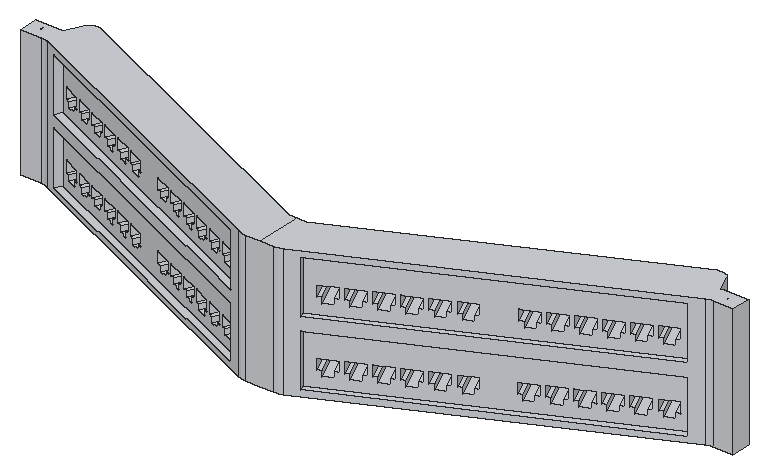
Revit family
Parameters (values of type "TEXT")
  Material ID = "760162834"
  Description = "Uniprise 10G Angled 48 Port Panel\r\n"
Reference planes (in)
  plane 1 "Center (Front/Back)": y = 0
  plane 2: z = 0
  plane 3 "Center (Left/Right)": x = 0
  plane 4: x = 0
Forms (in)
  Extrusion 1, solid
    sketch origin (0, 0, 0) x (1, 0, 0) y (0, 0, 1)
      loop
        line (0, 1.72) -> (-9.5, 1.72) -> (-9.5, -1.75) -> (0, -1.75) -> (9.5, -1.75) -> (9.5, 1.72) -> (0, 1.72)
    from 0 to 5
  Extrusion 2, void
    sketch origin (0, 0, 0) x (1, 0, 0) y (0, 1, 0)
      loop
        line (0, -3.75) -> (0.22211, -3.75) -> (8.20539, -0.02733)
        arc (8.20539, -0.02733) -> (8.4054, -0.01671) -> (8.56751, -0.13432) r 0.3
        line (8.56751, -0.13432) -> (8.78, -0.59) -> (10.67789, -0.59) -> (10.67789, 1.58554) -> (-10.07211, 1.58554) -> (-10.07211, -0.59) -> (-8.78, -0.59) -> (-8.56751, -0.13432)
        arc (-8.56751, -0.13432) -> (-8.4054, -0.01671) -> (-8.20539, -0.02733) r 0.3
        line (-8.20539, -0.02733) -> (-0.22211, -3.75) -> (0, -3.75)
      loop
        line (0, -5) -> (-0.37185, -5)
        arc (-0.37185, -5) -> (-0.49223, -4.98735) -> (-0.60735, -4.94994) r 0.57899
        line (-0.60735, -4.94994) -> (-8.77297, -1.14225)
        arc (-8.77297, -1.14225) -> (-8.86654, -1.11064) -> (-8.96473, -1.1) r 0.45422
        line (-8.96473, -1.1) -> (-10.07211, -1.1) -> (-10.07211, -6.6) -> (10.67789, -6.6) -> (10.67789, -1.1) -> (8.96473, -1.1)
        arc (8.96473, -1.1) -> (8.86654, -1.11064) -> (8.77297, -1.14225) r 0.45422
        line (8.77297, -1.14225) -> (0.60735, -4.94994)
        arc (0.60735, -4.94994) -> (0.49223, -4.98735) -> (0.37185, -5) r 0.57899
        line (0.37185, -5) -> (0, -5)
    from -9.81041 to 12
  Extrusion 3, void
    sketch origin (-0.5, -5, 0) x (0.906308, -0.422618, 0) y (0, 0, -1)
      loop
        line (-8.78097, -1.575) -> (-0.48097, -1.575) -> (-0.48097, -0.145) -> (-8.78097, -0.145) -> (-8.78097, -1.575)
    from 0 to 0.2
  Extrusion 4, void
    sketch origin (-0.5, -5, 0) x (0.906308, -0.422618, 0) y (0, 0, -1)
      loop
        line (-8.58097, -0.85) -> (-8.09097, -0.85) -> (-8.09097, -0.56) -> (-8.20097, -0.56) -> (-8.20097, -0.416) -> (-8.47097, -0.416) -> (-8.47097, -0.56) -> (-8.58097, -0.56) -> (-8.58097, -0.85)
    from -6.11684 to 3.83475
  Extrusion 5, void
    sketch origin (0.5, -5, 0) x (-0.906308, -0.422618, 0) y (0, 0, 1)
      loop
        line (-8.78097, 1.575) -> (-8.78097, 0.145) -> (-0.48097, 0.145) -> (-0.48097, 1.575) -> (-8.78097, 1.575)
    from 0 to 0.2
  Extrusion 6, void
    sketch origin (0, 0, 0) x (1, 0, 0) y (0, 0, 1)
      loop
        line (-9.23838, 0.095) -> (-9.11238, 0.095)
        arc (-9.11238, 0.095) -> (-8.97238, 0.235) -> (-9.11238, 0.375) r 0.14
        line (-9.11238, 0.375) -> (-9.23838, 0.375)
        arc (-9.23838, 0.375) -> (-9.37838, 0.235) -> (-9.23838, 0.095) r 0.14
      loop
        line (-9.23838, 1.345) -> (-9.11238, 1.345)
        arc (-9.11238, 1.345) -> (-8.97238, 1.485) -> (-9.11238, 1.625) r 0.14
        line (-9.11238, 1.625) -> (-9.23838, 1.625)
        arc (-9.23838, 1.625) -> (-9.37838, 1.485) -> (-9.23838, 1.345) r 0.14
    from -1.65585 to 1.01797
  Extrusion 7, void
    sketch origin (0, 0, 0) x (-1, 0, 0) y (0, 0, -1)
      loop
        arc (-9.23838, -0.095) -> (-9.37838, -0.235) -> (-9.23838, -0.375) r 0.14
        line (-9.23838, -0.375) -> (-9.11238, -0.375)
        arc (-9.11238, -0.375) -> (-8.97238, -0.235) -> (-9.11238, -0.095) r 0.14
        line (-9.11238, -0.095) -> (-9.23838, -0.095)
      loop
        arc (-9.23838, -1.345) -> (-9.37838, -1.485) -> (-9.23838, -1.625) r 0.14
        line (-9.23838, -1.625) -> (-9.11238, -1.625)
        arc (-9.11238, -1.625) -> (-8.97238, -1.485) -> (-9.11238, -1.345) r 0.14
        line (-9.11238, -1.345) -> (-9.23838, -1.345)
    from -1.65585 to 1.01797
  Extrusion 8, void
    sketch origin (0.5, -5, -1.75) x (-0.906308, -0.422618, 0) y (0, 0, 1)
      loop
        line (-8.78097, 1.575) -> (-8.78097, 0.145) -> (-0.48097, 0.145) -> (-0.48097, 1.575) -> (-8.78097, 1.575)
    from 0 to 0.2
  Extrusion 9, void
    sketch origin (-0.5, -5, -1.75) x (0.906308, -0.422618, 0) y (0, 0, -1)
      loop
        line (-8.78097, -1.575) -> (-0.48097, -1.575) -> (-0.48097, -0.145) -> (-8.78097, -0.145) -> (-8.78097, -1.575)
    from 0 to 0.2
  Extrusion 10, void
    sketch origin (0, 0, -1.75) x (1, 0, 0) y (0, 0, 1)
      loop
        line (-9.23838, 0.095) -> (-9.11238, 0.095)
        arc (-9.11238, 0.095) -> (-8.97238, 0.235) -> (-9.11238, 0.375) r 0.14
        line (-9.11238, 0.375) -> (-9.23838, 0.375)
        arc (-9.23838, 0.375) -> (-9.37838, 0.235) -> (-9.23838, 0.095) r 0.14
      loop
        line (-9.23838, 1.345) -> (-9.11238, 1.345)
        arc (-9.11238, 1.345) -> (-8.97238, 1.485) -> (-9.11238, 1.625) r 0.14
        line (-9.11238, 1.625) -> (-9.23838, 1.625)
        arc (-9.23838, 1.625) -> (-9.37838, 1.485) -> (-9.23838, 1.345) r 0.14
    from -1.65585 to 1.01797
  Extrusion 11, void
    sketch origin (0, 0, -1.75) x (-1, 0, 0) y (0, 0, -1)
      loop
        arc (-9.23838, -0.095) -> (-9.37838, -0.235) -> (-9.23838, -0.375) r 0.14
        line (-9.23838, -0.375) -> (-9.11238, -0.375)
        arc (-9.11238, -0.375) -> (-8.97238, -0.235) -> (-9.11238, -0.095) r 0.14
        line (-9.11238, -0.095) -> (-9.23838, -0.095)
      loop
        arc (-9.23838, -1.345) -> (-9.37838, -1.485) -> (-9.23838, -1.625) r 0.14
        line (-9.23838, -1.625) -> (-9.11238, -1.625)
        arc (-9.11238, -1.625) -> (-8.97238, -1.485) -> (-9.11238, -1.345) r 0.14
        line (-9.11238, -1.345) -> (-9.23838, -1.345)
    from -1.65585 to 1.01797
  Extrusion 12, void
    sketch origin (0.04649, -5.25483, 0) x (0.906308, -0.422618, 0) y (0, 0, -1)
      loop
        line (-8.58097, -0.85) -> (-8.09097, -0.85) -> (-8.09097, -0.56) -> (-8.20097, -0.56) -> (-8.20097, -0.416) -> (-8.47097, -0.416) -> (-8.47097, -0.56) -> (-8.58097, -0.56) -> (-8.58097, -0.85)
    from -6.11684 to 3.83475
  Extrusion 13, void
    sketch origin (0.59298, -5.50967, 0) x (0.906308, -0.422618, 0) y (0, 0, -1)
      loop
        line (-8.58097, -0.85) -> (-8.09097, -0.85) -> (-8.09097, -0.56) -> (-8.20097, -0.56) -> (-8.20097, -0.416) -> (-8.47097, -0.416) -> (-8.47097, -0.56) -> (-8.58097, -0.56) -> (-8.58097, -0.85)
    from -6.11684 to 3.83475
  Extrusion 14, void
    sketch origin (1.13947, -5.7645, 0) x (0.906308, -0.422618, 0) y (0, 0, -1)
      loop
        line (-8.58097, -0.85) -> (-8.09097, -0.85) -> (-8.09097, -0.56) -> (-8.20097, -0.56) -> (-8.20097, -0.416) -> (-8.47097, -0.416) -> (-8.47097, -0.56) -> (-8.58097, -0.56) -> (-8.58097, -0.85)
    from -6.11684 to 3.83475
  Extrusion 15, void
    sketch origin (1.68596, -6.01933, 0) x (0.906308, -0.422618, 0) y (0, 0, -1)
      loop
        line (-8.58097, -0.85) -> (-8.09097, -0.85) -> (-8.09097, -0.56) -> (-8.20097, -0.56) -> (-8.20097, -0.416) -> (-8.47097, -0.416) -> (-8.47097, -0.56) -> (-8.58097, -0.56) -> (-8.58097, -0.85)
    from -6.11684 to 3.83475
  Extrusion 16, void
    sketch origin (2.23245, -6.27416, 0) x (0.906308, -0.422618, 0) y (0, 0, -1)
      loop
        line (-8.58097, -0.85) -> (-8.09097, -0.85) -> (-8.09097, -0.56) -> (-8.20097, -0.56) -> (-8.20097, -0.416) -> (-8.47097, -0.416) -> (-8.47097, -0.56) -> (-8.58097, -0.56) -> (-8.58097, -0.85)
    from -6.11684 to 3.83475
  Extrusion 17, void
    sketch origin (3.4001, -6.81865, 0) x (0.906308, -0.422618, 0) y (0, 0, -1)
      loop
        line (-8.58097, -0.85) -> (-8.09097, -0.85) -> (-8.09097, -0.56) -> (-8.20097, -0.56) -> (-8.20097, -0.416) -> (-8.47097, -0.416) -> (-8.47097, -0.56) -> (-8.58097, -0.56) -> (-8.58097, -0.85)
    from -6.11684 to 3.83475
  Extrusion 18, void
    sketch origin (3.94659, -7.07348, 0) x (0.906308, -0.422618, 0) y (0, 0, -1)
      loop
        line (-8.58097, -0.85) -> (-8.09097, -0.85) -> (-8.09097, -0.56) -> (-8.20097, -0.56) -> (-8.20097, -0.416) -> (-8.47097, -0.416) -> (-8.47097, -0.56) -> (-8.58097, -0.56) -> (-8.58097, -0.85)
    from -6.11684 to 3.83475
  Extrusion 19, void
    sketch origin (4.49308, -7.32831, 0) x (0.906308, -0.422618, 0) y (0, 0, -1)
      loop
        line (-8.58097, -0.85) -> (-8.09097, -0.85) -> (-8.09097, -0.56) -> (-8.20097, -0.56) -> (-8.20097, -0.416) -> (-8.47097, -0.416) -> (-8.47097, -0.56) -> (-8.58097, -0.56) -> (-8.58097, -0.85)
    from -6.11684 to 3.83475
  Extrusion 20, void
    sketch origin (5.03957, -7.58314, 0) x (0.906308, -0.422618, 0) y (0, 0, -1)
      loop
        line (-8.58097, -0.85) -> (-8.09097, -0.85) -> (-8.09097, -0.56) -> (-8.20097, -0.56) -> (-8.20097, -0.416) -> (-8.47097, -0.416) -> (-8.47097, -0.56) -> (-8.58097, -0.56) -> (-8.58097, -0.85)
    from -6.11684 to 3.83475
  Extrusion 21, void
    sketch origin (5.58606, -7.83798, 0) x (0.906308, -0.422618, 0) y (0, 0, -1)
      loop
        line (-8.58097, -0.85) -> (-8.09097, -0.85) -> (-8.09097, -0.56) -> (-8.20097, -0.56) -> (-8.20097, -0.416) -> (-8.47097, -0.416) -> (-8.47097, -0.56) -> (-8.58097, -0.56) -> (-8.58097, -0.85)
    from -6.11684 to 3.83475
  Extrusion 22, void
    sketch origin (6.13255, -8.09281, 0) x (0.906308, -0.422618, 0) y (0, 0, -1)
      loop
        line (-8.58097, -0.85) -> (-8.09097, -0.85) -> (-8.09097, -0.56) -> (-8.20097, -0.56) -> (-8.20097, -0.416) -> (-8.47097, -0.416) -> (-8.47097, -0.56) -> (-8.58097, -0.56) -> (-8.58097, -0.85)
    from -6.11684 to 3.83475
  Extrusion 23, void
    sketch origin (-0.5, -5, -1.75) x (0.906308, -0.422618, 0) y (0, 0, -1)
      loop
        line (-8.58097, -0.85) -> (-8.09097, -0.85) -> (-8.09097, -0.56) -> (-8.20097, -0.56) -> (-8.20097, -0.416) -> (-8.47097, -0.416) -> (-8.47097, -0.56) -> (-8.58097, -0.56) -> (-8.58097, -0.85)
    from -6.11684 to 3.83475
  Extrusion 24, void
    sketch origin (0.04649, -5.25483, -1.75) x (0.906308, -0.422618, 0) y (0, 0, -1)
      loop
        line (-8.58097, -0.85) -> (-8.09097, -0.85) -> (-8.09097, -0.56) -> (-8.20097, -0.56) -> (-8.20097, -0.416) -> (-8.47097, -0.416) -> (-8.47097, -0.56) -> (-8.58097, -0.56) -> (-8.58097, -0.85)
    from -6.11684 to 3.83475
  Extrusion 25, void
    sketch origin (0.59298, -5.50967, -1.75) x (0.906308, -0.422618, 0) y (0, 0, -1)
      loop
        line (-8.58097, -0.85) -> (-8.09097, -0.85) -> (-8.09097, -0.56) -> (-8.20097, -0.56) -> (-8.20097, -0.416) -> (-8.47097, -0.416) -> (-8.47097, -0.56) -> (-8.58097, -0.56) -> (-8.58097, -0.85)
    from -6.11684 to 3.83475
  Extrusion 26, void
    sketch origin (1.13947, -5.7645, -1.75) x (0.906308, -0.422618, 0) y (0, 0, -1)
      loop
        line (-8.58097, -0.85) -> (-8.09097, -0.85) -> (-8.09097, -0.56) -> (-8.20097, -0.56) -> (-8.20097, -0.416) -> (-8.47097, -0.416) -> (-8.47097, -0.56) -> (-8.58097, -0.56) -> (-8.58097, -0.85)
    from -6.11684 to 3.83475
  Extrusion 27, void
    sketch origin (1.68596, -6.01933, -1.75) x (0.906308, -0.422618, 0) y (0, 0, -1)
      loop
        line (-8.58097, -0.85) -> (-8.09097, -0.85) -> (-8.09097, -0.56) -> (-8.20097, -0.56) -> (-8.20097, -0.416) -> (-8.47097, -0.416) -> (-8.47097, -0.56) -> (-8.58097, -0.56) -> (-8.58097, -0.85)
    from -6.11684 to 3.83475
  Extrusion 28, void
    sketch origin (2.23245, -6.27416, -1.75) x (0.906308, -0.422618, 0) y (0, 0, -1)
      loop
        line (-8.58097, -0.85) -> (-8.09097, -0.85) -> (-8.09097, -0.56) -> (-8.20097, -0.56) -> (-8.20097, -0.416) -> (-8.47097, -0.416) -> (-8.47097, -0.56) -> (-8.58097, -0.56) -> (-8.58097, -0.85)
    from -6.11684 to 3.83475
  Extrusion 29, void
    sketch origin (3.4001, -6.81865, -1.75) x (0.906308, -0.422618, 0) y (0, 0, -1)
      loop
        line (-8.58097, -0.85) -> (-8.09097, -0.85) -> (-8.09097, -0.56) -> (-8.20097, -0.56) -> (-8.20097, -0.416) -> (-8.47097, -0.416) -> (-8.47097, -0.56) -> (-8.58097, -0.56) -> (-8.58097, -0.85)
    from -6.11684 to 3.83475
  Extrusion 30, void
    sketch origin (3.94659, -7.07348, -1.75) x (0.906308, -0.422618, 0) y (0, 0, -1)
      loop
        line (-8.58097, -0.85) -> (-8.09097, -0.85) -> (-8.09097, -0.56) -> (-8.20097, -0.56) -> (-8.20097, -0.416) -> (-8.47097, -0.416) -> (-8.47097, -0.56) -> (-8.58097, -0.56) -> (-8.58097, -0.85)
    from -6.11684 to 3.83475
  Extrusion 31, void
    sketch origin (4.49308, -7.32831, -1.75) x (0.906308, -0.422618, 0) y (0, 0, -1)
      loop
        line (-8.58097, -0.85) -> (-8.09097, -0.85) -> (-8.09097, -0.56) -> (-8.20097, -0.56) -> (-8.20097, -0.416) -> (-8.47097, -0.416) -> (-8.47097, -0.56) -> (-8.58097, -0.56) -> (-8.58097, -0.85)
    from -6.11684 to 3.83475
  Extrusion 32, void
    sketch origin (5.03957, -7.58314, -1.75) x (0.906308, -0.422618, 0) y (0, 0, -1)
      loop
        line (-8.58097, -0.85) -> (-8.09097, -0.85) -> (-8.09097, -0.56) -> (-8.20097, -0.56) -> (-8.20097, -0.416) -> (-8.47097, -0.416) -> (-8.47097, -0.56) -> (-8.58097, -0.56) -> (-8.58097, -0.85)
    from -6.11684 to 3.83475
  Extrusion 33, void
    sketch origin (5.58606, -7.83798, -1.75) x (0.906308, -0.422618, 0) y (0, 0, -1)
      loop
        line (-8.58097, -0.85) -> (-8.09097, -0.85) -> (-8.09097, -0.56) -> (-8.20097, -0.56) -> (-8.20097, -0.416) -> (-8.47097, -0.416) -> (-8.47097, -0.56) -> (-8.58097, -0.56) -> (-8.58097, -0.85)
    from -6.11684 to 3.83475
  Extrusion 34, void
    sketch origin (6.13255, -8.09281, -1.75) x (0.906308, -0.422618, 0) y (0, 0, -1)
      loop
        line (-8.58097, -0.85) -> (-8.09097, -0.85) -> (-8.09097, -0.56) -> (-8.20097, -0.56) -> (-8.20097, -0.416) -> (-8.47097, -0.416) -> (-8.47097, -0.56) -> (-8.58097, -0.56) -> (-8.58097, -0.85)
    from -6.11684 to 3.83475
  Extrusion 35, void
    sketch origin (0.5, -5, 0) x (-0.906308, -0.422618, 0) y (0, 0, 1)
      loop
        line (-8.58097, 0.85) -> (-8.58097, 0.56) -> (-8.47097, 0.56) -> (-8.47097, 0.416) -> (-8.20097, 0.416) -> (-8.20097, 0.56) -> (-8.09097, 0.56) -> (-8.09097, 0.85) -> (-8.58097, 0.85)
    from -6.11684 to 3.83475
  Extrusion 36, void
    sketch origin (0.5, -5, -1.75) x (-0.906308, -0.422618, 0) y (0, 0, 1)
      loop
        line (-8.58097, 0.85) -> (-8.58097, 0.56) -> (-8.47097, 0.56) -> (-8.47097, 0.416) -> (-8.20097, 0.416) -> (-8.20097, 0.56) -> (-8.09097, 0.56) -> (-8.09097, 0.85) -> (-8.58097, 0.85)
    from -6.11684 to 3.83475
  Extrusion 37, void
    sketch origin (-0.03996, -5.25179, 0) x (-0.906308, -0.422618, 0) y (0, 0, 1)
      loop
        line (-8.58097, 0.85) -> (-8.58097, 0.56) -> (-8.47097, 0.56) -> (-8.47097, 0.416) -> (-8.20097, 0.416) -> (-8.20097, 0.56) -> (-8.09097, 0.56) -> (-8.09097, 0.85) -> (-8.58097, 0.85)
    from -6.11684 to 3.83475
  Extrusion 38, void
    sketch origin (-0.57992, -5.50358, 0) x (-0.906308, -0.422618, 0) y (0, 0, 1)
      loop
        line (-8.58097, 0.85) -> (-8.58097, 0.56) -> (-8.47097, 0.56) -> (-8.47097, 0.416) -> (-8.20097, 0.416) -> (-8.20097, 0.56) -> (-8.09097, 0.56) -> (-8.09097, 0.85) -> (-8.58097, 0.85)
    from -6.11684 to 3.83475
  Extrusion 39, void
    sketch origin (-1.11989, -5.75537, 0) x (-0.906308, -0.422618, 0) y (0, 0, 1)
      loop
        line (-8.58097, 0.85) -> (-8.58097, 0.56) -> (-8.47097, 0.56) -> (-8.47097, 0.416) -> (-8.20097, 0.416) -> (-8.20097, 0.56) -> (-8.09097, 0.56) -> (-8.09097, 0.85) -> (-8.58097, 0.85)
    from -6.11684 to 3.83475
  Extrusion 40, void
    sketch origin (-1.65985, -6.00715, 0) x (-0.906308, -0.422618, 0) y (0, 0, 1)
      loop
        line (-8.58097, 0.85) -> (-8.58097, 0.56) -> (-8.47097, 0.56) -> (-8.47097, 0.416) -> (-8.20097, 0.416) -> (-8.20097, 0.56) -> (-8.09097, 0.56) -> (-8.09097, 0.85) -> (-8.58097, 0.85)
    from -6.11684 to 3.83475
  Extrusion 41, void
    sketch origin (-2.19981, -6.25894, 0) x (-0.906308, -0.422618, 0) y (0, 0, 1)
      loop
        line (-8.58097, 0.85) -> (-8.58097, 0.56) -> (-8.47097, 0.56) -> (-8.47097, 0.416) -> (-8.20097, 0.416) -> (-8.20097, 0.56) -> (-8.09097, 0.56) -> (-8.09097, 0.85) -> (-8.58097, 0.85)
    from -6.11684 to 3.83475
  Extrusion 42, void
    sketch origin (-0.0466, -5.25488, -1.75) x (-0.906308, -0.422618, 0) y (0, 0, 1)
      loop
        line (-8.58097, 0.85) -> (-8.58097, 0.56) -> (-8.47097, 0.56) -> (-8.47097, 0.416) -> (-8.20097, 0.416) -> (-8.20097, 0.56) -> (-8.09097, 0.56) -> (-8.09097, 0.85) -> (-8.58097, 0.85)
    from -6.11684 to 3.83475
  Extrusion 43, void
    sketch origin (-0.59321, -5.50977, -1.75) x (-0.906308, -0.422618, 0) y (0, 0, 1)
      loop
        line (-8.58097, 0.85) -> (-8.58097, 0.56) -> (-8.47097, 0.56) -> (-8.47097, 0.416) -> (-8.20097, 0.416) -> (-8.20097, 0.56) -> (-8.09097, 0.56) -> (-8.09097, 0.85) -> (-8.58097, 0.85)
    from -6.11684 to 3.83475
  Extrusion 44, void
    sketch origin (-1.13981, -5.76465, -1.75) x (-0.906308, -0.422618, 0) y (0, 0, 1)
      loop
        line (-8.58097, 0.85) -> (-8.58097, 0.56) -> (-8.47097, 0.56) -> (-8.47097, 0.416) -> (-8.20097, 0.416) -> (-8.20097, 0.56) -> (-8.09097, 0.56) -> (-8.09097, 0.85) -> (-8.58097, 0.85)
    from -6.11684 to 3.83475
  Extrusion 45, void
    sketch origin (-1.68641, -6.01954, -1.75) x (-0.906308, -0.422618, 0) y (0, 0, 1)
      loop
        line (-8.58097, 0.85) -> (-8.58097, 0.56) -> (-8.47097, 0.56) -> (-8.47097, 0.416) -> (-8.20097, 0.416) -> (-8.20097, 0.56) -> (-8.09097, 0.56) -> (-8.09097, 0.85) -> (-8.58097, 0.85)
    from -6.11684 to 3.83475
  Extrusion 46, void
    sketch origin (-2.23301, -6.27442, -1.75) x (-0.906308, -0.422618, 0) y (0, 0, 1)
      loop
        line (-8.58097, 0.85) -> (-8.58097, 0.56) -> (-8.47097, 0.56) -> (-8.47097, 0.416) -> (-8.20097, 0.416) -> (-8.20097, 0.56) -> (-8.09097, 0.56) -> (-8.09097, 0.85) -> (-8.58097, 0.85)
    from -6.11684 to 3.83475
  Extrusion 47, void
    sketch origin (-3.40084, -6.81899, -1.75) x (-0.906308, -0.422618, 0) y (0, 0, 1)
      loop
        line (-8.58097, 0.85) -> (-8.58097, 0.56) -> (-8.47097, 0.56) -> (-8.47097, 0.416) -> (-8.20097, 0.416) -> (-8.20097, 0.56) -> (-8.09097, 0.56) -> (-8.09097, 0.85) -> (-8.58097, 0.85)
    from -6.11684 to 3.83475
  Extrusion 48, void
    sketch origin (-3.94744, -7.07387, -1.75) x (-0.906308, -0.422618, 0) y (0, 0, 1)
      loop
        line (-8.58097, 0.85) -> (-8.58097, 0.56) -> (-8.47097, 0.56) -> (-8.47097, 0.416) -> (-8.20097, 0.416) -> (-8.20097, 0.56) -> (-8.09097, 0.56) -> (-8.09097, 0.85) -> (-8.58097, 0.85)
    from -6.11684 to 3.83475
  Extrusion 49, void
    sketch origin (-4.49404, -7.32876, -1.75) x (-0.906308, -0.422618, 0) y (0, 0, 1)
      loop
        line (-8.58097, 0.85) -> (-8.58097, 0.56) -> (-8.47097, 0.56) -> (-8.47097, 0.416) -> (-8.20097, 0.416) -> (-8.20097, 0.56) -> (-8.09097, 0.56) -> (-8.09097, 0.85) -> (-8.58097, 0.85)
    from -6.11684 to 3.83475
  Extrusion 50, void
    sketch origin (-5.04064, -7.58364, -1.75) x (-0.906308, -0.422618, 0) y (0, 0, 1)
      loop
        line (-8.58097, 0.85) -> (-8.58097, 0.56) -> (-8.47097, 0.56) -> (-8.47097, 0.416) -> (-8.20097, 0.416) -> (-8.20097, 0.56) -> (-8.09097, 0.56) -> (-8.09097, 0.85) -> (-8.58097, 0.85)
    from -6.11684 to 3.83475
  Extrusion 51, void
    sketch origin (-5.58725, -7.83853, -1.75) x (-0.906308, -0.422618, 0) y (0, 0, 1)
      loop
        line (-8.58097, 0.85) -> (-8.58097, 0.56) -> (-8.47097, 0.56) -> (-8.47097, 0.416) -> (-8.20097, 0.416) -> (-8.20097, 0.56) -> (-8.09097, 0.56) -> (-8.09097, 0.85) -> (-8.58097, 0.85)
    from -6.11684 to 3.83475
  Extrusion 52, void
    sketch origin (-6.13385, -8.09341, -1.75) x (-0.906308, -0.422618, 0) y (0, 0, 1)
      loop
        line (-8.58097, 0.85) -> (-8.58097, 0.56) -> (-8.47097, 0.56) -> (-8.47097, 0.416) -> (-8.20097, 0.416) -> (-8.20097, 0.56) -> (-8.09097, 0.56) -> (-8.09097, 0.85) -> (-8.58097, 0.85)
    from -6.11684 to 3.83475
  Extrusion 53, void
    sketch origin (-3.40084, -6.81899, 0) x (-0.906308, -0.422618, 0) y (0, 0, 1)
      loop
        line (-8.58097, 0.85) -> (-8.58097, 0.56) -> (-8.47097, 0.56) -> (-8.47097, 0.416) -> (-8.20097, 0.416) -> (-8.20097, 0.56) -> (-8.09097, 0.56) -> (-8.09097, 0.85) -> (-8.58097, 0.85)
    from -6.11684 to 3.83475
  Extrusion 54, void
    sketch origin (-3.94744, -7.07387, 0) x (-0.906308, -0.422618, 0) y (0, 0, 1)
      loop
        line (-8.58097, 0.85) -> (-8.58097, 0.56) -> (-8.47097, 0.56) -> (-8.47097, 0.416) -> (-8.20097, 0.416) -> (-8.20097, 0.56) -> (-8.09097, 0.56) -> (-8.09097, 0.85) -> (-8.58097, 0.85)
    from -6.11684 to 3.83475
  Extrusion 55, void
    sketch origin (-4.49404, -7.32876, 0) x (-0.906308, -0.422618, 0) y (0, 0, 1)
      loop
        line (-8.58097, 0.85) -> (-8.58097, 0.56) -> (-8.47097, 0.56) -> (-8.47097, 0.416) -> (-8.20097, 0.416) -> (-8.20097, 0.56) -> (-8.09097, 0.56) -> (-8.09097, 0.85) -> (-8.58097, 0.85)
    from -6.11684 to 3.83475
  Extrusion 56, void
    sketch origin (-5.04064, -7.58364, 0) x (-0.906308, -0.422618, 0) y (0, 0, 1)
      loop
        line (-8.58097, 0.85) -> (-8.58097, 0.56) -> (-8.47097, 0.56) -> (-8.47097, 0.416) -> (-8.20097, 0.416) -> (-8.20097, 0.56) -> (-8.09097, 0.56) -> (-8.09097, 0.85) -> (-8.58097, 0.85)
    from -6.11684 to 3.83475
  Extrusion 57, void
    sketch origin (-5.58725, -7.83853, 0) x (-0.906308, -0.422618, 0) y (0, 0, 1)
      loop
        line (-8.58097, 0.85) -> (-8.58097, 0.56) -> (-8.47097, 0.56) -> (-8.47097, 0.416) -> (-8.20097, 0.416) -> (-8.20097, 0.56) -> (-8.09097, 0.56) -> (-8.09097, 0.85) -> (-8.58097, 0.85)
    from -6.11684 to 3.83475
  Extrusion 58, void
    sketch origin (-6.13385, -8.09341, 0) x (-0.906308, -0.422618, 0) y (0, 0, 1)
      loop
        line (-8.58097, 0.85) -> (-8.58097, 0.56) -> (-8.47097, 0.56) -> (-8.47097, 0.416) -> (-8.20097, 0.416) -> (-8.20097, 0.56) -> (-8.09097, 0.56) -> (-8.09097, 0.85) -> (-8.58097, 0.85)
    from -6.11684 to 3.83475
Cuts and joins
  Extrusion 2, Extrusion 3, Extrusion 4, Extrusion 5, Extrusion 6, Extrusion 7, Extrusion 8, Extrusion 9, Extrusion 10, Extrusion 11, Extrusion 12, Extrusion 13, Extrusion 14, Extrusion 15, Extrusion 16, Extrusion 17, Extrusion 18, Extrusion 19, Extrusion 20, Extrusion 21, Extrusion 22, Extrusion 23, Extrusion 24, Extrusion 25, Extrusion 26, Extrusion 27, Extrusion 28, Extrusion 29, Extrusion 30, Extrusion 31, Extrusion 32, Extrusion 33, Extrusion 34, Extrusion 35, Extrusion 36, Extrusion 37, Extrusion 38, Extrusion 39, Extrusion 40, Extrusion 41, Extrusion 42, Extrusion 43, Extrusion 44, Extrusion 45, Extrusion 46, Extrusion 47, Extrusion 48, Extrusion 49, Extrusion 50, Extrusion 51, Extrusion 52, Extrusion 53, Extrusion 54, Extrusion 55, Extrusion 56, Extrusion 57, Extrusion 58 cuts Extrusion 1
Dimensions and locks (in)
  equal spacing: group 1, group 2, group 3, group 4, group 5, group 6  (x2)
  equal spacing: group 6, group 5, group 4, group 3, group 2, group 1
  equal spacing: group 30, group 29, group 28, group 27, group 26, group 25  (x2)
  equal spacing: group 25, group 26, group 27, group 28, group 29, group 30
  equal spacing: group 36, group 35, group 34, group 33, group 32, group 31  (x2)
  equal spacing: group 31, group 32, group 33, group 34, group 35, group 36
